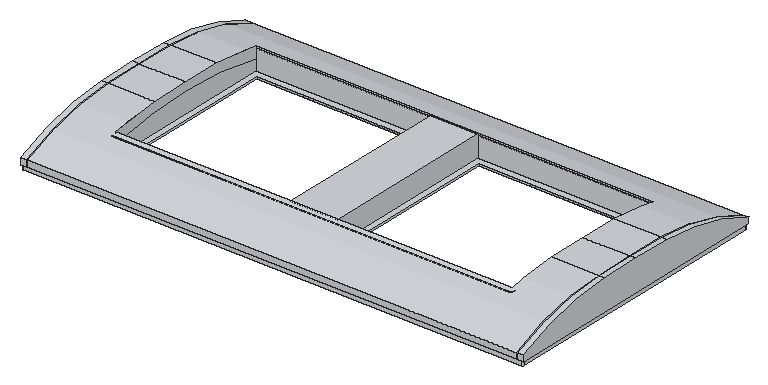
Revit family "Gira_0212395", category Electrical Fixtures, host Face, Revit 2017
Family settings
  Host = Face
  Maintain Annotation Orientation = No
  Round Connector Dimension = Use Diameter
  Part Type = Normal
  Cut with Voids When Loaded = No
  Shared = No
  Room Calculation Point = No
Parameters (values of type "Cov.fr. 2-g interm.fr. PW Gira Event Opaque mint")
  With mounting grid = "No"
  With hinged lid = "No"
  URL = "http://katalog.gira.de/en/datenblatt.html?artikelnr=0212395"
  Type of fastening = "Clamp mounting"
  Transparent = "No"
  Surface protection = "Other"
  Surface finishing = "Glossy"
  Suitable for wall duct = "No"
  Suitable for flush-mounted installation = "Yes"
  Suitable for floor box = "No"
  Suitable for built-in installation = "No"
  Number of units vertical = "2"
  Number of units horizontal = "2"
  Number of units = "2"
  Name = "Cov.fr. 2-g interm.fr. PW Gira Event Opaque mint"
  Mounting direction = "Horizontal and vertical"
  Material quality = "Thermoplastic"
  Material = "Plastic"
  Manufacturer URL = "https://www.gira.de/"
  Manufacturer = "Gira"
  Label space/information surface = "No"
  Keynote = ""
  HeinzeBIM = "https://bimportal.heinze.de/bim/cov-fr-2-g-interm-fr-pw-gira-event-opaque-mint/93a7475e3f70a85ca3d326e80641ee336e0a32c2"
  Halogen free = "Yes"
  HAN = "0212395"
  GTIN = "4010337074441"
  Description = "Cov.fr.2g i.fr.PW EvOp MI,Gira Event Opaque frames,mint with pure white glossy intermediate frame,2-gang,Features:,- Shatter-proof."
  Degree of protection (IP) = "IP20"
  Default Elevation = 1219.2 mm
  Data sheet (1) = "https://katalog.gira.de/en/download.html?artikelnr=0212395"
  Colour = "Other"
  Category = "Cover frame for domestic switching devices"
  BIM (1) = "https://media.stage.bim.site/public/gira/36a6b08/Event_Rahmen_2fach.rfa"
  Available = "No"
Reference planes
  plane 1 "Center (Front/Back)": y = 0
  plane 2: z = 0
  plane 3 "Center (Left/Right)": x = 0
Forms (mm)
  Extrusion 1, solid, detail levels fine
    sketch origin (0, 0, 0.05) x (0, 1, 0) y (0, 0, 1)
      loop
        arc (12.445, 9.683) -> (6.223, 9.833) -> (0, 9.85) r 291.636
        arc (0, 9.85) -> (-6.223, 9.833) -> (-12.445, 9.683) r 291.636
        arc (-12.445, 9.683) -> (-29.14, 7.482) -> (-45, 1.823) r 79.728
        line (-45, 1.823) -> (-45, -0.05) -> (-42.086, -0.05)
        arc (-42.086, -0.05) -> (-21.385, 5.559) -> (0, 7.206) r 114.424
        arc (0, 7.206) -> (21.385, 5.559) -> (42.086, -0.05) r 114.424
        line (42.086, -0.05) -> (45, -0.05) -> (45, 1.823)
        arc (45, 1.823) -> (29.14, 7.482) -> (12.445, 9.683) r 79.728
    from -78.55 to 78.55
  Extrusion 2, void, detail levels fine
    sketch origin (0, 0, 0) x (1, 0, 0) y (0, 1, 0)
      loop
        line (-63.55, -27.937) -> (63.55, -27.937) -> (63.55, 28.063) -> (-63.55, 28.063) -> (-63.55, -27.937)
    from 0.724 to 11
  Extrusion 3, solid, detail levels coarse
    sketch origin (0, 0, 0) x (1, 0, 0) y (0, 1, 0)
      loop
        line (-80.55, 45) -> (-80.55, -45) -> (80.55, -45) -> (80.55, 45) -> (-80.55, 45)
    from -1.5 to 9.9
  Extrusion 4, solid, detail levels medium
    sketch origin (0, 0, 0.05) x (0, 1, 0) y (0, 0, 1)
      loop
        arc (12.445, 9.683) -> (6.223, 9.833) -> (0, 9.85) r 291.636
        arc (0, 9.85) -> (-6.223, 9.833) -> (-12.445, 9.683) r 291.636
        arc (-12.445, 9.683) -> (-29.14, 7.482) -> (-45, 1.823) r 79.728
        line (-45, 1.823) -> (-45, -0.05) -> (45, -0.05) -> (45, 1.823)
        arc (45, 1.823) -> (29.14, 7.482) -> (12.445, 9.683) r 79.728
    from -80.55 to 80.55
  Extrusion 5, solid, detail levels fine
    sketch origin (-35.55, 0, -1.5) x (0, 1, 0) y (0, 0, -1)
      loop
        line (45, -3.373) -> (45, -1.5) -> (-45, -1.5) -> (-45, -3.373)
        arc (-45, -3.373) -> (-29.14, -9.032) -> (-12.445, -11.233) r 79.728
        arc (-12.445, -11.233) -> (-6.223, -11.383) -> (0, -11.4) r 291.636
        arc (0, -11.4) -> (6.223, -11.383) -> (12.445, -11.233) r 291.636
        arc (12.445, -11.233) -> (29.14, -9.032) -> (45, -3.373) r 79.728
    from 43 to 45
  Extrusion 6, solid, detail levels fine
    sketch origin (0, 0, 0) x (1, 0, 0) y (0, 1, 0)
      loop
        line (-61.45, 25.7) -> (-61.45, -25.7) -> (-9.65, -25.7) -> (-9.65, 25.7) -> (-61.45, 25.7)
      loop
        line (61.45, -25.7) -> (61.45, 25.7) -> (9.65, 25.7) -> (9.65, -25.7) -> (61.45, -25.7)
      loop
        line (-64.445, 28.49) -> (-64.445, -28.495)
        spline (-64.445, -28.495) -> (-64.436, -28.625) -> (-64.411, -28.754) -> (-64.369, -28.878) -> (-64.311, -28.995) -> (-64.238, -29.104) -> (-64.152, -29.202) -> (-64.054, -29.288) -> (-63.945, -29.361) -> (-63.828, -29.419) -> (-63.704, -29.461) -> (-63.575, -29.486) -> (-63.445, -29.495)
        line (-63.445, -29.495) -> (63.445, -29.495)
        spline (63.445, -29.495) -> (63.575, -29.486) -> (63.704, -29.461) -> (63.828, -29.419) -> (63.945, -29.361) -> (64.054, -29.288) -> (64.152, -29.202) -> (64.238, -29.104) -> (64.311, -28.995) -> (64.369, -28.878) -> (64.411, -28.754) -> (64.436, -28.625) -> (64.445, -28.495)
        line (64.445, -28.495) -> (64.445, 28.49)
        spline (64.445, 28.49) -> (64.436, 28.62) -> (64.411, 28.748) -> (64.369, 28.872) -> (64.311, 28.99) -> (64.238, 29.098) -> (64.152, 29.197) -> (64.054, 29.283) -> (63.945, 29.356) -> (63.828, 29.413) -> (63.704, 29.456) -> (63.575, 29.481) -> (63.445, 29.49)
        line (63.445, 29.49) -> (-63.445, 29.49)
        spline (-63.445, 29.49) -> (-63.575, 29.481) -> (-63.704, 29.456) -> (-63.828, 29.413) -> (-63.945, 29.356) -> (-64.054, 29.283) -> (-64.152, 29.197) -> (-64.238, 29.098) -> (-64.311, 28.99) -> (-64.369, 28.872) -> (-64.411, 28.748) -> (-64.436, 28.62) -> (-64.445, 28.49)
    from 0.1 to 7.3
  Extrusion 7, solid
    sketch origin (0, 0, 0) x (1, 0, 0) y (0, 1, 0)
      loop
        arc (-80.25, -44.2) -> (-80.104, -44.554) -> (-79.75, -44.7) r 0.5
        line (-79.75, -44.7) -> (79.75, -44.7)
        arc (79.75, -44.7) -> (80.104, -44.554) -> (80.25, -44.2) r 0.5
        line (80.25, -44.2) -> (80.25, 44.2)
        arc (80.25, 44.2) -> (80.104, 44.554) -> (79.75, 44.7) r 0.5
        line (79.75, 44.7) -> (-79.75, 44.7)
        arc (-79.75, 44.7) -> (-80.104, 44.554) -> (-80.25, 44.2) r 0.5
        line (-80.25, 44.2) -> (-80.25, -44.2)
      loop
        line (-78.55, 43) -> (-78.55, -43) -> (78.55, -43) -> (78.55, 43) -> (-78.55, 43)
    from -1.5 to 0.5
  Extrusion 8, solid, detail levels fine
    sketch origin (35.55, 0, -1.5) x (0, 1, 0) y (0, 0, 1)
      loop
        arc (45, 3.373) -> (29.14, 9.032) -> (12.445, 11.233) r 79.728
        arc (12.445, 11.233) -> (6.223, 11.383) -> (0, 11.4) r 291.636
        arc (0, 11.4) -> (-6.223, 11.383) -> (-12.445, 11.233) r 291.636
        arc (-12.445, 11.233) -> (-29.14, 9.032) -> (-45, 3.373) r 79.728
        line (-45, 3.373) -> (-45, 1.5) -> (45, 1.5) -> (45, 3.373)
    from 43 to 45
  Extrusion 9, solid, detail levels medium
    sketch origin (0, 0, 0) x (1, 0, 0) y (0, 1, 0)
      loop
        line (-80.25, -44.7) -> (80.25, -44.7) -> (80.25, 44.7) -> (-80.25, 44.7) -> (-80.25, -44.7)
    from -1.5 to 0.5
  Extrusion 10, solid, detail levels fine
    sketch origin (0, 0, 0) x (1, 0, 0) y (0, 1, 0)
      loop
        line (-7.55, 28.063) -> (-7.55, -27.937) -> (7.55, -27.937) -> (7.55, 28.063) -> (-7.55, 28.063)
    from 0.724 to 7.566
Cuts and joins
  Extrusion 2 cuts Extrusion 1
  Extrusion 2 cuts Extrusion 6
Dimensions and locks
  aligned and locked: plane 2 to host face
  aligned and locked: level to host face
